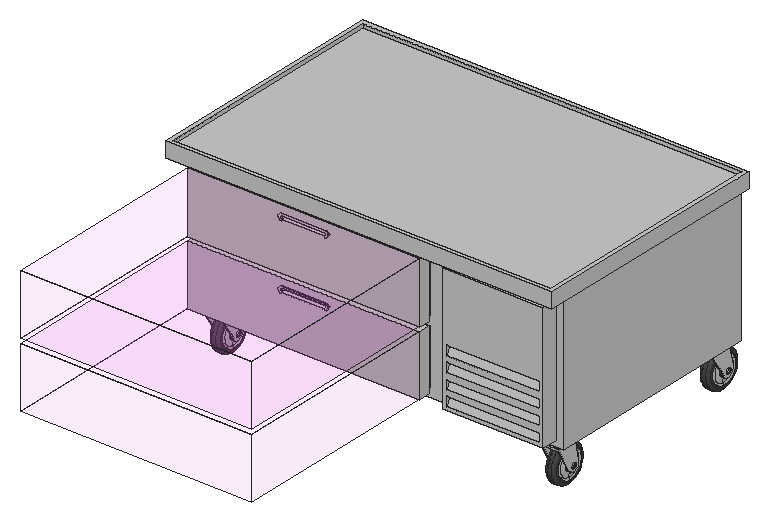
Revit family "QF_Kelvinator_738313_KCHCB48R", category Specialty Equipment, Revit 2021
Family settings
  Round Connector Dimension = Use Diameter
  Part Type = Normal
  Work Plane-Based = No
  Always vertical = Yes
  Cut with Voids When Loaded = No
  Shared = No
  Room Calculation Point = No
Parameters
  Weight in Pounds = 471.789
  Weight = 97.00 lbm
  Watts = 0 W
  Volts = 115 V
  URL Manufacturer = "KELVINATOR"
  URL Cutsheet = ""
  URL = "KELVINATOR"
  Specification by User = ""
  Specification by Manufacturer = ""
  Serial Number = ""
  Seismic Rating = ""
  SMACNA No = ""
  Revision Code = ""
  Refrigerant Type = "R290"
  Phase = 1
  Number of Poles = 1
  NAFEM Spec ID Number = ""
  Model = "KCHCB48R"
  Min Ckt Ampacity = 0 A
  Max Overcurrent Protection = 0 A
  Masterspec = ""
  Manufacturer = "Kelvinator"
  Length Actual = 1270"
  Length = 50"
  Item Number = "738313"
  Installed By = ""
  Identify Quantity as Lot = yes
  Height Actual = 660"
  Height = 26"
  HP = "0.3 HP"
  Gas KW = 0
  Furnished By = ""
  Foodservice Equipment Identifier = yes
  FL Amps = 2.1 A
  Electrical Remarks = ""
  Electric Connection Type = ""
  Elec Conn RI Height = 0"
  Elec Conn Connection Height = 0"
  Description = "2-DRAWER CHEF BASE REFRIGERATOR 50\" LONG"
  Depth Actual = 810"
  Depth = 31 7/8"
  Default Elevation = 0"
  Cycle = 60 Hz
  Conn Plug = "5-15P"
  Conn Conduit = yes
  CSI MasterFormat = ""
  Apparent Power = 0 VA
  Accessory = no
Reference planes (in)
  plane 1 "BACK": y = 0
  plane 2: z = 0
  plane 3 "LEFT": x = 0
  plane 4 "RIGHT": x = 50
  plane 5 "FRONT": y = -31.875
  plane 6 "TOP": z = 26
  plane 7 "Center Y": x = 25
  plane 8 "Center X": y = -15.9375
Dimensions and locks (in)
  equal spacing: plane 3 "LEFT", plane 7 "Center Y", plane 4 "RIGHT"
  "Length": plane 3 "LEFT" to plane 4 "RIGHT"
  equal spacing: plane 5 "FRONT", plane 8 "Center X", plane 1 "BACK"
  "Depth": plane 5 "FRONT" to plane 1 "BACK"
  "Height": plane 6 "TOP" to level
  aligned and locked: level to plane 2
Nested families (in)
  nested 1: "Family2" at (0, 0, 0), type "Family2"
    with Show Clearance yes
Connectors (in)
  electrical at (25, -2, 5.5), driven by "Volts", driven by "Watts"
    settings: on nested 1, index 1, voltage 115 V, apparent load 0 VA, apparent load phase1 0 VA, apparent load phase2 0 VA, apparent load phase3 0 VA, power factor 1, load classification "Other", number of poles 1, system type 30, power factor state 1, is connector primary yes, connector utility no, sub classification motor no, connector description ""
Definition of nested family "Family2"
  Parameters (values of type "Family2")
    Weight in Pounds = 0
    URL Cutsheet = ""
    Specification by User = ""
    Specification by Manufacturer = ""
    Show Clearance [instance] = yes
    Serial Number = ""
    Seismic Rating = ""
    SMACNA No = ""
    Revision Code = ""
    NAFEM Spec ID Number = ""
    Masterspec = ""
    Length = 50"
    Item Number = ""
    Installed By = ""
    Identify Quantity as Lot = yes
    Height = 26"
    Furnished By = ""
    Foodservice Equipment Identifier = yes
    Depth = 31 7/8"
    Default Elevation = 0"
    CSI MasterFormat = ""
  Reference planes (in)
    plane 1 "BACK": y = 0
    plane 2: z = 0
    plane 3 "LEFT": x = 0
    plane 4 "RIGHT": x = 50
    plane 5 "FRONT": y = -31.875
    plane 6 "TOP": z = 26
    plane 7 "Center Y": x = 25
    plane 8 "Center X": y = -15.9375
    plane 9: x = 1
    plane 10: x = 49
    plane 11: x = 2
    plane 12: x = 32
    plane 13: x = 48
    plane 14: x = 35
    plane 15: z = 15.1
    plane 16: z = 23
    plane 17: z = 6.016
    plane 18: z = 24.016
    plane 19: y = -28.7
    plane 20: y = -57.9
    plane 21: x = 0.5
    plane 22: x = 49.5
    plane 23: z = 14.6
    plane 24: z = 6.7
    plane 25: x = 47.5
    plane 26: x = 35.5
    plane 27: x = 46.75
    plane 28: x = 3.25
  Forms (in)
    Extrusion 1, solid
      sketch origin (1, -180, 36.08177) x (0, 0, 1) y (0, -1, 0)
        loop
          line (-12.06577, -151.3) -> (-30.08177, -151.3) -> (-30.08177, -180) -> (-12.06577, -180) -> (-12.06577, -151.3)
      from 0 to 48
    Extrusion 2, solid
      sketch origin (0, 0, 0) x (0, 1, 0) y (0, 0, 1)
        loop
          line (-31.875, 26) -> (-31.875, 24.016) -> (0, 24.016) -> (0, 26) -> (-31.875, 26)
      from 0 to 50
    Extrusion 3, void
      sketch origin (0.5, -180, 24.54005) x (0, 0, 1) y (0, -1, 0)
        loop
          line (1.45995, -148.625) -> (0.95995, -148.625) -> (0.95995, -179.5) -> (1.45995, -179.5) -> (1.45995, -148.625)
      from 0 to 49
    Extrusion 4, solid
      sketch origin (0, -28.7, -3.09046) x (0, 0, -1) y (1, 0, 0)
        loop
          line (-26.09046, 35) -> (-9.79046, 35) -> (-9.79046, 48) -> (-26.09046, 48) -> (-26.09046, 35)
      from 0 to 2
    Extrusion 5, void
      sketch origin (47.5, -180, 13.44376) x (0, 0, -1) y (0, -1, 0)
        loop
          line (6.33783, -149.3) -> (6.33783, -148.925) -> (-0.83628, -148.925) -> (-0.83628, -149.7453) -> (0.38717, -149.3) -> (1.16811, -149.3) -> (1.16811, -149.7453) -> (2.39156, -149.3) -> (3.17249, -149.3) -> (3.17249, -149.7453) -> (4.39594, -149.3) -> (5.11438, -149.3) -> (5.11438, -149.7453) -> (6.33783, -149.3)
      from 0 to 12
    Extrusion 6, solid
      sketch origin (1, 0, 6) x (-1, 0, 0) y (0, 1, 0)
        loop
          circle (-24, -2) r 0.25
      from 0 to 0.5
  Cuts and joins
    Extrusion 3 cuts Extrusion 2
    Extrusion 5 cuts Extrusion 4
  Lines and regions (in)
    symbolic lines
      curve 1: line (0, 0, 0) -> (0, -31.875, 0)
      curve 2: line (0, -31.875, 0) -> (50, -31.875, 0)
      curve 3: line (50, -31.875, 0) -> (50, 0, 0)
      curve 4: line (50, 0, 0) -> (0, 0, 0)
      curve 5: line (0.5, -31.375, 0) -> (0.5, -0.5, 0)
      curve 6: line (0.5, -0.5, 0) -> (49.5, -0.5, 0)
      curve 7: line (49.5, -0.5, 0) -> (49.5, -31.375, 0)
      curve 8: line (49.5, -31.375, 0) -> (0.5, -31.375, 0)
  Dimensions and locks (in)
    equal spacing: plane 3 "LEFT", plane 7 "Center Y", plane 4 "RIGHT"
    "Length": plane 3 "LEFT" to plane 4 "RIGHT"
    equal spacing: plane 5 "FRONT", plane 8 "Center X", plane 1 "BACK"
    "Depth": plane 5 "FRONT" to plane 1 "BACK"
    "Height": plane 6 "TOP" to level
    plane 3 "LEFT" to plane 4 "RIGHT" = 50"
    plane 10 to plane 9 = 48"
    plane 11 to plane 12 = 30"
    locked: plane 14 to plane 13 at 13
    plane 16 to plane 15 = 7.9"  (x2)
    plane 6 "TOP" to plane 17 = 19.984"
    plane 18 to plane 17 = 18"
    plane 19 to plane 1 "BACK" = 28.7"
    plane 5 "FRONT" to plane 1 "BACK" = 31 7/8"
    plane 20 to plane 1 "BACK" = 57.9"
    plane 17 to level = 6.016"
    locked: plane 4 "RIGHT" to plane 10 at 1
    locked: plane 4 "RIGHT" to plane 22 at 0.5
    plane 23 to plane 24 = 7.9"
    locked: plane 13 to plane 4 "RIGHT" at 2
    locked: plane 13 to plane 25 at 0.5
    locked: plane 14 to plane 26 at 0.5
    locked: plane 4 "RIGHT" to plane 27 at 3.25
    locked: plane 12 to plane 14 at 3
    locked: plane 3 "LEFT" to plane 11 at 2
    aligned and locked: level to plane 2
    aligned and locked: plane 10 to Extrusion 1
    aligned and locked: Extrusion 2 to plane 4 "RIGHT"
    aligned and locked: plane 18 to Extrusion 1
    aligned and locked: plane 22 to cut or joined group of Extrusion 2, Extrusion 3
    aligned and locked: Extrusion 5 to plane 26
    aligned and locked: plane 14 to Extrusion 4
    aligned and locked: Extrusion 4 to plane 13
    aligned and locked: nested 4 to plane 28
    aligned and locked: plane 27 to nested 5
    aligned and locked: nested 6 to plane 28
  Automatic sketch dimensions
    level to Extrusion 1 sketch curve = 6"
    plane 16 to Extrusion 1 sketch curve = 1.016"
    Extrusion 1 sketch curve to plane 1 "BACK" = 0"
    Extrusion 1 sketch curve to plane 19 = 0"
    Extrusion 2 sketch curve to plane 5 "FRONT" = 0"
    Extrusion 2 sketch curve to plane 1 "BACK" = 0"
    Extrusion 2 sketch curve to plane 18 = 0"
    Extrusion 2 sketch curve to plane 6 "TOP" = 0"
    Extrusion 3 sketch curve to plane 6 "TOP" = 0"
    Extrusion 3 sketch curve to plane 6 "TOP" = 1/2"
    plane 1 "BACK" to Extrusion 3 sketch curve = 1/2"
    Extrusion 3 sketch curve to plane 5 "FRONT" = 1/2"
    plane 13 to Extrusion 4 sketch curve = 0"
    Extrusion 4 sketch curve to plane 16 = 0"
    plane 14 to Extrusion 4 sketch curve = 0"
    Extrusion 4 sketch curve to plane 24 = 0"
    plane 24 to Extrusion 5 sketch curve = 0.40593"
    Extrusion 5 sketch curve to Extrusion 5 sketch curve = 1.22345"  (x3)
    Extrusion 5 sketch curve to Extrusion 5 sketch curve = 0.71843"
    plane 19 to Extrusion 5 sketch curve = 1 71/128"  (x4)
    Extrusion 5 sketch curve to Extrusion 5 sketch curve = 0.78093"  (x2)
    Extrusion 5 sketch curve to plane 23 = 0.31996"
    Extrusion 5 sketch curve to Extrusion 5 sketch curve = 57/128"  (x3)
    Extrusion 5 sketch curve to plane 5 "FRONT" = 1.175"
    Extrusion 5 sketch curve to Extrusion 5 sketch curve = 3/8"
    curve 1 to plane 3 "LEFT" = 0"
    plane 1 "BACK" to curve 3 = 0"
    curve 3 to plane 4 "RIGHT" = 0"
    plane 5 "FRONT" to curve 1 = 0"
    curve 5 to plane 21 = 0"
    curve 8 to plane 22 = 0"
    curve 5 to plane 5 "FRONT" = 1/2"
    plane 1 "BACK" to curve 5 = 1/2"
    Extrusion 1 to Extrusion 6 sketch curve = 2"
    Extrusion 6 sketch curve to Extrusion 1 = 24"
    radius of Extrusion 6 sketch curve = 1/4"
  Nested families (in)
    nested 1: "Family3" at (2, -28.7, 15.1), Show Clearance <- "Show Clearance", type "Family3"
    nested 2: "Family3" at (2, -28.7, 6.7), Show Clearance <- "Show Clearance", type "Family3"
    nested 3: "6 INCHES 02_CASTER" at (46.75, -26.8125, 0), type "6 INCHES 02_CASTER"
      with Type Mark "", Specification by User "", Show Casters yes, Revision Code "", Item Number "", Installed By "", Identify Quantity as Lot yes, Furnished By "", Foodservice Equipment Identifier yes
    nested 4: "6 INCHES 02_CASTER" at (3.25, -26.8125, 0), type "6 INCHES 02_CASTER"
      with Type Mark "", Specification by User "", Show Casters yes, Revision Code "", Item Number "", Installed By "", Identify Quantity as Lot yes, Furnished By "", Foodservice Equipment Identifier yes
    nested 5: "6 INCHES 02_CASTER" at (46.75, -1.8125, 0), type "6 INCHES 02_CASTER"
      with Type Mark "", Specification by User "", Show Casters yes, Revision Code "", Item Number "", Installed By "", Identify Quantity as Lot yes, Furnished By "", Foodservice Equipment Identifier yes
    nested 6: "6 INCHES 02_CASTER" at (3.25, -1.8125, 0), type "6 INCHES 02_CASTER"
      with Type Mark "", Specification by User "", Show Casters yes, Revision Code "", Item Number "", Installed By "", Identify Quantity as Lot yes, Furnished By "", Foodservice Equipment Identifier yes
  Definition of nested family "Family3"
    Parameters (values of type "Family3")
      Weight in Pounds = 0
      URL Cutsheet = ""
      Specification by User = ""
      Specification by Manufacturer = ""
      Show Clearance [instance] = yes
      Serial Number = ""
      Seismic Rating = ""
      SMACNA No = ""
      Revision Code = ""
      NAFEM Spec ID Number = ""
      Masterspec = ""
      Length = 30"
      Item Number = ""
      Installed By = ""
      Identify Quantity as Lot = yes
      Height = 7.9"
      Furnished By = ""
      Foodservice Equipment Identifier = yes
      Depth = 2"
      Default Elevation = 0"
      CSI MasterFormat = ""
    Reference planes (in)
      plane 1 "BACK": y = 0
      plane 2: z = 0
      plane 3 "LEFT": x = 0
      plane 4 "RIGHT": x = 30
      plane 5 "FRONT": y = -2
      plane 6 "TOP": z = 7.9
      plane 7 "Center Y": x = 15
      plane 8 "Center X": y = -1
      plane 9: y = -29.2
      plane 10: x = 0.3125
      plane 11: x = 29.6875
      plane 12: y = -3.28088
    Forms (in)
      Extrusion 1, solid
        sketch origin (0, 0, 0) x (1, 0, 0) y (0, 0, 1)
          loop
            line (0, 7.9) -> (0, 0) -> (30, 0) -> (30, 7.9) -> (0, 7.9)
        from 0.55357 to 2
      Extrusion 2, void
        sketch origin (15, 6.90541, 47.5625) x (0, -1, 0) y (0, 0, 1)
          loop
            line (8.90541, -41.4125) -> (8.90541, -40.85381) -> (8.53969, -40.48809) -> (8.07278, -40.955) -> (8.24839, -41.4125) -> (8.90541, -41.4125)
        from -3 to 3
      Extrusion 3, solid
        sketch origin (0, -2, 0) x (1, 0, 0) y (0, 0, 1)
          loop
            line (17.81904, 6.70869) -> (17.92024, 6.6075) -> (17.81904, 6.15) -> (18, 6.15) -> (18.27615, 6.60514) -> (17.9226, 6.95869) -> (12.0774, 6.95869) -> (11.72385, 6.60514) -> (12.00153, 6.14747) -> (12.18151, 6.14747) -> (12.07976, 6.6075) -> (12.18096, 6.70869) -> (17.81904, 6.70869)
        from 0.10088 to -1
      Extrusion 4, solid, visible <- "Show Clearance"
        sketch origin (0, 0, 0) x (0, 1, 0) y (0, 0, 1)
          loop
            line (-29.2, 7.9) -> (-29.2, 0) -> (-2, 0) -> (-2, 7.9) -> (-29.2, 7.9)
        from 0 to 30
      Extrusion 5, solid
        sketch origin (0.3125, -180, 8.89478) x (0, 0, 1) y (0, -1, 0)
          loop
            line (-1.29318, -179.44643) -> (-8.58228, -179.44643) -> (-8.58228, -179.75) -> (-1.29318, -179.75) -> (-1.29318, -179.44643)
        from 0 to 29.375
      Extrusion 6, solid
        sketch origin (0.3125, -179.75, 8.89478) x (0, 0, 1) y (0, -1, 0)
          loop
            line (-1.29318, -179.5) -> (-8.58228, -179.5) -> (-8.58228, -179.75) -> (-1.29318, -179.75) -> (-1.29318, -179.5)
        from 0 to 29.375
    Cuts and joins
      Extrusion 2 cuts Extrusion 1
      Extrusion 2 cuts Extrusion 3
      joined: Extrusion 1, Extrusion 3
    Lines and regions (in)
      symbolic lines, visible <- "Show Clearance"
        curve 1: line (0, -3.28088, 0) -> (0, -29.2, 0)
        curve 2: line (0, -29.2, 0) -> (30, -29.2, 0)
        curve 3: line (30, -29.2, 0) -> (30, -3.28088, 0)
    Dimensions and locks (in)
      equal spacing: plane 3 "LEFT", plane 7 "Center Y", plane 4 "RIGHT"
      "Length": plane 3 "LEFT" to plane 4 "RIGHT"
      equal spacing: plane 5 "FRONT", plane 8 "Center X", plane 1 "BACK"
      "Depth": plane 5 "FRONT" to plane 1 "BACK"
      "Height": plane 6 "TOP" to level
      plane 9 to plane 5 "FRONT" = 27.2"
      locked: plane 11 to plane 4 "RIGHT" at 0.3125
      locked: plane 3 "LEFT" to plane 10 at 0.3125
      aligned and locked: level to plane 2
      aligned and locked: Extrusion 4 to plane 4 "RIGHT"
      aligned and locked: Extrusion 6 to plane 11
      aligned and locked: Extrusion 5 to plane 11
    Automatic sketch dimensions
      Extrusion 1 sketch curve to level = 0"
      Extrusion 1 sketch curve to plane 3 "LEFT" = 0"
      plane 4 "RIGHT" to Extrusion 1 sketch curve = 0"
      Extrusion 1 sketch curve to plane 6 "TOP" = 0"
      Extrusion 2 sketch curve to plane 5 "FRONT" = 0"
      Extrusion 2 sketch curve to plane 5 "FRONT" = 0.36572"
      Extrusion 2 sketch curve to plane 8 "Center X" = 0.34299"
      Extrusion 2 sketch curve to plane 8 "Center X" = 0.16737"
      Extrusion 2 sketch curve to plane 6 "TOP" = 1 3/4"
      Extrusion 2 sketch curve to Extrusion 2 sketch curve = 0.4575"
      Extrusion 2 sketch curve to Extrusion 2 sketch curve = 0.55869"
      Extrusion 3 sketch curve to plane 6 "TOP" = 1.29486"  (x2)
      Extrusion 3 sketch curve to plane 7 "Center Y" = 3.27615"
      Extrusion 3 sketch curve to Extrusion 3 sketch curve = 0.27768"
      Extrusion 3 sketch curve to Extrusion 3 sketch curve = 0.35355"
      Extrusion 3 sketch curve to plane 6 "TOP" = 1.2925"  (x2)
      Extrusion 3 sketch curve to Extrusion 3 sketch curve = 0.00236"
      Extrusion 3 sketch curve to Extrusion 3 sketch curve = 0.10119"  (x2)
      Extrusion 3 sketch curve to Extrusion 3 sketch curve = 0.17998"
      Extrusion 3 sketch curve to plane 6 "TOP" = 1.19131"
      plane 7 "Center Y" to Extrusion 3 sketch curve = 2.81904"
      Extrusion 3 sketch curve to Extrusion 3 sketch curve = 0"
      Extrusion 3 sketch curve to plane 6 "TOP" = 0.94131"
      Extrusion 3 sketch curve to Extrusion 3 sketch curve = 0.10355"
      Extrusion 3 sketch curve to Extrusion 3 sketch curve = 0.18096"
      Extrusion 3 sketch curve to Extrusion 3 sketch curve = 0.35591"
      Extrusion 3 sketch curve to Extrusion 3 sketch curve = 0.4575"
      Extrusion 3 sketch curve to Extrusion 3 sketch curve = 0.46003"
      Extrusion 4 sketch curve to level = 0"
      Extrusion 4 sketch curve to plane 9 = 0"
      Extrusion 4 sketch curve to plane 5 "FRONT" = 0"
      Extrusion 4 sketch curve to plane 6 "TOP" = 0"
      level to Extrusion 5 sketch curve = 5/16"
      Extrusion 5 sketch curve to plane 6 "TOP" = 0.29841"
      plane 1 "BACK" to Extrusion 5 sketch curve = 1/4"
      Extrusion 5 sketch curve to Extrusion 5 sketch curve = 0.30357"
      level to Extrusion 6 sketch curve = 5/16"
      Extrusion 6 sketch curve to plane 6 "TOP" = 0.29841"
      plane 1 "BACK" to Extrusion 6 sketch curve = 0"
      Extrusion 6 sketch curve to Extrusion 6 sketch curve = 1/4"
      curve 1 to plane 3 "LEFT" = 0"
      curve 3 to plane 4 "RIGHT" = 0"
      curve 1 to plane 9 = 0"
      curve 3 to plane 12 = 0"
      curve 1 to plane 12 = 0"
  Definition of nested family "6 INCHES 02_CASTER"
    Parameters (values of type "6 INCHES 02_CASTER")
      Weight = ""
      URL Manufacturer = ""
      URL Cutsheet = ""
      URL = ""
      Type Mark [instance] = ""
      Specification by User [instance] = ""
      Specification by Manufacturer = ""
      Show Casters [instance] = yes
      Serial Number = ""
      Seismic Rating = ""
      SMACNA No = ""
      Revision Code [instance] = ""
      Omniclass Number and Title = ""
      NAFEM Spec ID Number = ""
      Model = ""
      MasterSpec. = ""
      Manufacturer = ""
      Item Number [instance] = ""
      Installed By [instance] = ""
      Identify Quantity as Lot [instance] = yes
      Furnished By [instance] = ""
      Foodservice Equipment Identifier [instance] = yes
      Description = ""
      Default Elevation = 0"
      CSI MasterFormat = ""
      CSI Master Format = ""
    Reference planes (in)
      plane 1 "BACK": y = 0
      plane 2: z = 0
      plane 3 "LEFT": x = 0
      plane 4 "RIGHT": x = 0
      plane 5 "FRONT": y = 0
      plane 6 "TOP": z = 6
    Forms (in)
      Revolve 1, solid, visible <- "Show Casters"
        sketch origin (-2.21793, 0, -0.25) x (-1, 0, 0) y (0, 0, 1)
          loop
            line (-2.21793, 6) -> (-2.21793, 5.55584) -> (-0.93693, 5.55584) -> (-0.93693, 6) -> (-2.21793, 6)
          axis (-2.21793, 5.55584) -> (-2.21793, 6)
        angle from 0 to 360
      Extrusion 2, solid, visible <- "Show Casters"
        sketch origin (0.25594, 2.08988, -0.1875) x (0, 1, 0) y (0, 0, 1)
          loop
            line (-3.37793, 5.49334) -> (-3.37793, 5.24334) -> (-1.67236, 2.30765)
            arc (-1.67236, 2.30765) -> (-0.65502, 1.97635) -> (-0.25363, 2.96812) r 0.78437
            line (-0.25363, 2.96812) -> (-0.80182, 5.49334) -> (-3.37793, 5.49334)
        from 0.78968 to 0.90247
      Extrusion 3, solid, visible <- "Show Casters"
        sketch origin (0, 0, 5.75) x (0, 1, 0) y (-1, 0, 0)
          loop
            circle (0, 0) r 0.75
        from 0 to 0.25
      Extrusion 4, solid, visible <- "Show Casters"
        sketch origin (-0.25594, 2.08988, -0.1875) x (0, 1, 0) y (0, 0, -1)
          loop
            line (-3.37793, -5.24334) -> (-3.37793, -5.49334) -> (-0.80182, -5.49334) -> (-0.25363, -2.96812)
            arc (-0.25363, -2.96812) -> (-0.65502, -1.97635) -> (-1.67236, -2.30765) r 0.78437
            line (-1.67236, -2.30765) -> (-3.37793, -5.24334)
        from 0.78968 to 0.90247
      Extrusion 5, solid, visible <- "Show Casters"
        sketch origin (0, -0.12806, 0.75) x (0, 1, 0) y (0, 0, 1)
          loop
            line (-1.16, 4.55584) -> (-1.16, 4.30584) -> (1.41611, 4.30584) -> (1.41611, 4.55584) -> (-1.16, 4.55584)
        from -1.04562 to 1.04562
      Revolve 6, solid, visible <- "Show Casters"
        sketch origin (-1.9375, 1.11772, -0.12802) x (1, 0, 0) y (0, 0, 1)
          loop
            line (0.5843, 2.5666) -> (0.5843, 2.4286) -> (0.6343, 2.3786) -> (0.6943, 2.3786) -> (0.6943, 2.2429) -> (1.1725, 2.2429) -> (1.1725, 1.84743) -> (1.30191, 1.77271) -> (1.42647, 1.00302) -> (1.28125, 1.00302) -> (1.28125, 0.75302) -> (1.3125, 0.75302) -> (1.3125, 0.50302)
            arc (1.3125, 0.50302) -> (1.42233, 0.23785) -> (1.6875, 0.12802) r 0.375
            line (1.6875, 0.12802) -> (2.1875, 0.12802)
            arc (2.1875, 0.12802) -> (2.45267, 0.23785) -> (2.5625, 0.50302) r 0.375
            line (2.5625, 0.50302) -> (2.5625, 0.75302) -> (2.59375, 0.75302) -> (2.59375, 1.00302) -> (2.44853, 1.00302) -> (2.57366, 1.77622) -> (2.7025, 1.85061) -> (2.7025, 2.2429) -> (3.1807, 2.2429) -> (3.1807, 2.3786) -> (3.2407, 2.3786) -> (3.2907, 2.4286) -> (3.2907, 2.5666) -> (0.5843, 2.5666)
          axis (0.5843, 2.5666) -> (3.2907, 2.5666)
        angle from 0 to 360
    Cuts and joins
      joined: Extrusion 2, Extrusion 4, Extrusion 5
    Lines and regions (in)
      symbolic lines, visible <- "Show Casters"
        curve 1: line (0.45873, 2.04243, 0) -> (1.54127, 1.41743, 0)
        curve 2: line (-1.54127, -1.42167, 0) -> (-0.79127, -0.12263, 0)
        curve 3: line (-0.45873, -2.04667, 0) -> (-1.54127, -1.42167, 0)
        curve 4: line (1.54127, 1.41743, 0) -> (0.79127, 0.11839, 0)
        curve 5: line (-0.29127, 0.74339, 0) -> (0.45873, 2.04243, 0)
        curve 6: line (0.29127, -0.74763, 0) -> (-0.45873, -2.04667, 0)
    Dimensions and locks (in)
      plane 6 "TOP" to level = 6"  (x2)
      aligned and locked: level to plane 2
